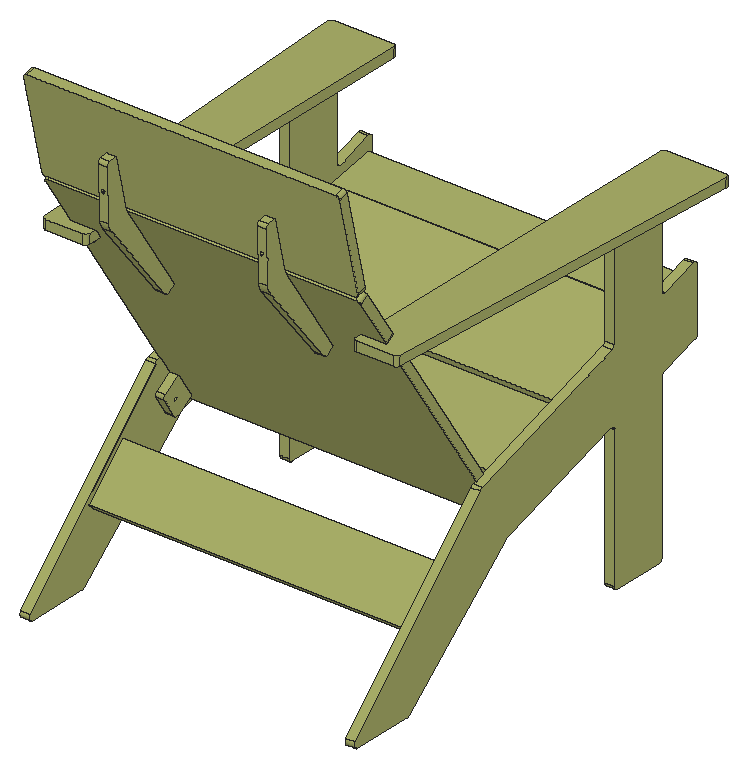
Revit family "Lollygagger Lounge Tall", category Furniture, Revit 2016 (continued)
Automatic sketch dimensions
  Extrusion 9 sketch curve to Extrusion 9 sketch curve = 2.34549"
  Extrusion 9 sketch curve to Extrusion 9 sketch curve = 2.57578"
  Extrusion 9 sketch curve to Extrusion 9 sketch curve = 1.46214"
  Extrusion 9 sketch curve to Extrusion 9 sketch curve = 3.65674"
  Extrusion 9 sketch curve to Extrusion 9 sketch curve = 0.84342"
  Extrusion 9 sketch curve to Extrusion 9 sketch curve = 3.5596"
  Extrusion 9 sketch curve to Extrusion 9 sketch curve = 0.12197"
  Extrusion 9 sketch curve to Extrusion 9 sketch curve = 1.19315"
  Extrusion 9 sketch curve to Extrusion 9 sketch curve = 3.42846"
  Extrusion 9 sketch curve to Extrusion 9 sketch curve = 0.0971"
  Extrusion 9 sketch curve to Extrusion 9 sketch curve = 6.70066"
  Extrusion 9 sketch curve to Extrusion 9 sketch curve = 9.49222"
  Extrusion 9 sketch curve to Extrusion 9 sketch curve = 0.52433"
  Extrusion 9 sketch curve to Extrusion 9 sketch curve = 5.83322"
  Extrusion 10 sketch curve to Extrusion 10 sketch curve = 0.07725"  (x3)
  Extrusion 10 sketch curve to Extrusion 10 sketch curve = 0.07578"  (x3)
  Extrusion 10 sketch curve to Extrusion 10 sketch curve = 0.15156"
  Extrusion 10 sketch curve to Extrusion 10 sketch curve = 0.17413"
  Extrusion 10 sketch curve to Extrusion 10 sketch curve = 4.17099"
  Extrusion 10 sketch curve to Extrusion 10 sketch curve = 0.32725"
  Extrusion 10 sketch curve to Extrusion 10 sketch curve = 1/4"  (x5)
  Extrusion 10 sketch curve to Extrusion 10 sketch curve = 3 1/2"
  Extrusion 10 sketch curve to Extrusion 10 sketch curve = 4"
  Extrusion 10 sketch curve to Extrusion 10 sketch curve = 0.17275"
  Extrusion 10 sketch curve to Extrusion 10 sketch curve = 8.58834"
  Extrusion 10 sketch curve to Extrusion 10 sketch curve = 1.98365"
  Extrusion 10 sketch curve to Extrusion 10 sketch curve = 0.15451"
  Extrusion 10 sketch curve to Extrusion 10 sketch curve = 0.19904"
  Extrusion 10 sketch curve to Extrusion 10 sketch curve = 8.23223"
  Extrusion 10 sketch curve to Extrusion 10 sketch curve = 0.16284"
  Extrusion 10 sketch curve to Extrusion 10 sketch curve = 0.17678"  (x3)
  Extrusion 10 sketch curve to Extrusion 10 sketch curve = 0.17422"
  Extrusion 10 sketch curve to Extrusion 10 sketch curve = 2.34549"
  Extrusion 10 sketch curve to Extrusion 10 sketch curve = 2.57578"
  Extrusion 10 sketch curve to Extrusion 10 sketch curve = 1.46214"
  Extrusion 10 sketch curve to Extrusion 10 sketch curve = 3.65674"
  Extrusion 10 sketch curve to Extrusion 10 sketch curve = 0.84342"
  Extrusion 10 sketch curve to Extrusion 10 sketch curve = 3.5596"
  Extrusion 10 sketch curve to Extrusion 10 sketch curve = 0.12197"
  Extrusion 10 sketch curve to Extrusion 10 sketch curve = 1.19315"
  Extrusion 10 sketch curve to Extrusion 10 sketch curve = 3.42846"
  Extrusion 10 sketch curve to Extrusion 10 sketch curve = 0.0971"
  Extrusion 10 sketch curve to Extrusion 10 sketch curve = 6.70066"
  Extrusion 10 sketch curve to Extrusion 10 sketch curve = 9.49222"
  Extrusion 10 sketch curve to Extrusion 10 sketch curve = 0.52433"
  Extrusion 10 sketch curve to Extrusion 10 sketch curve = 5.83322"
  Extrusion 14 sketch curve to Extrusion 14 sketch curve = 0.75006"
  Extrusion 15 sketch curve to Extrusion 15 sketch curve = 0.67321"
  Extrusion 15 sketch curve to Extrusion 15 sketch curve = 0.13541"
  Extrusion 14 sketch curve to Extrusion 14 sketch curve = 0.24898"
  Extrusion 14 sketch curve to Extrusion 14 sketch curve = 0.37591"
  Extrusion 14 sketch curve to Extrusion 14 sketch curve = 1.31352"
  Extrusion 14 sketch curve to Extrusion 14 sketch curve = 0.75097"
  Extrusion 15 sketch curve to Extrusion 15 sketch curve = 0.34044"
  Extrusion 15 sketch curve to Extrusion 15 sketch curve = 0.13462"
  Extrusion 15 sketch curve to Extrusion 15 sketch curve = 1.65284"
  Extrusion 15 sketch curve to Extrusion 15 sketch curve = 0.43196"
  Extrusion 15 sketch curve to Extrusion 15 sketch curve = 0.34407"
  Extrusion 15 sketch curve to Extrusion 15 sketch curve = 0.91656"
  Extrusion 15 sketch curve to Extrusion 15 sketch curve = 0.98984"
  Extrusion 14 sketch curve to Extrusion 14 sketch curve = 1/4"
  Extrusion 15 sketch curve to Extrusion 15 sketch curve = 0.00845"
  Extrusion 21 sketch curve to Extrusion 21 sketch curve = 0.19222"
  Extrusion 21 to Extrusion 22 sketch curve = 0.31204"
  Extrusion 22 sketch curve to Extrusion 21 = 1.57556"
  Extrusion 21 sketch curve to Extrusion 21 sketch curve = 0.04835"
  Extrusion 21 sketch curve to Extrusion 21 sketch curve = 0.1934"
  Extrusion 21 sketch curve to Extrusion 21 sketch curve = 0.11539"
  Extrusion 21 sketch curve to Extrusion 21 sketch curve = 0.62424"
  Extrusion 21 sketch curve to Extrusion 21 sketch curve = 0.05777"
  Extrusion 21 sketch curve to Extrusion 21 sketch curve = 0.10771"
  Extrusion 21 sketch curve to Extrusion 21 sketch curve = 0.23492"
  Extrusion 21 sketch curve to Extrusion 21 sketch curve = 0.48671"
  Extrusion 21 sketch curve to Extrusion 21 sketch curve = 0.31703"
  Extrusion 23 sketch curve to Extrusion 23 sketch curve = 0.19222"
  Extrusion 23 to Extrusion 24 sketch curve = 0.31204"
  Extrusion 24 sketch curve to Extrusion 23 = 1.57556"
  Extrusion 23 sketch curve to Extrusion 23 sketch curve = 0.04835"
  Extrusion 23 sketch curve to Extrusion 23 sketch curve = 0.1934"
  Extrusion 23 sketch curve to Extrusion 23 sketch curve = 0.11539"
  Extrusion 23 sketch curve to Extrusion 23 sketch curve = 0.62424"
  Extrusion 23 sketch curve to Extrusion 23 sketch curve = 0.05777"
  Extrusion 23 sketch curve to Extrusion 23 sketch curve = 0.10771"
  Extrusion 23 sketch curve to Extrusion 23 sketch curve = 0.23492"
  Extrusion 23 sketch curve to Extrusion 23 sketch curve = 0.48671"
  Extrusion 23 sketch curve to Extrusion 23 sketch curve = 0.31703"
  Extrusion 25 sketch curve to Extrusion 25 sketch curve = 0.19222"
  Extrusion 25 to Extrusion 26 sketch curve = 0.31204"
  Extrusion 26 sketch curve to Extrusion 25 = 1.57556"
  Extrusion 25 sketch curve to Extrusion 25 sketch curve = 0.04835"
  Extrusion 25 sketch curve to Extrusion 25 sketch curve = 0.1934"
  Extrusion 25 sketch curve to Extrusion 25 sketch curve = 0.11539"
  Extrusion 25 sketch curve to Extrusion 25 sketch curve = 0.62424"
  Extrusion 25 sketch curve to Extrusion 25 sketch curve = 0.05777"
  Extrusion 25 sketch curve to Extrusion 25 sketch curve = 0.10771"
  Extrusion 25 sketch curve to Extrusion 25 sketch curve = 0.23492"
  Extrusion 25 sketch curve to Extrusion 25 sketch curve = 0.48671"
  Extrusion 25 sketch curve to Extrusion 25 sketch curve = 0.31703"
  Extrusion 21 sketch curve to Extrusion 21 sketch curve = 0.20165"
  Extrusion 21 sketch curve to Extrusion 21 sketch curve = 3.41039"
  Extrusion 21 sketch curve to Extrusion 21 sketch curve = 6.97885"
  Extrusion 21 sketch curve to Extrusion 21 sketch curve = 0.08551"
  Extrusion 21 sketch curve to Extrusion 21 sketch curve = 0.47513"
  Extrusion 21 sketch curve to Extrusion 21 sketch curve = 0.51835"
  Extrusion 21 sketch curve to Extrusion 21 sketch curve = 0.90243"
  Extrusion 23 sketch curve to Extrusion 23 sketch curve = 0.20165"
  Extrusion 23 sketch curve to Extrusion 23 sketch curve = 3.41039"
  Extrusion 23 sketch curve to Extrusion 23 sketch curve = 6.97885"
  Extrusion 23 sketch curve to Extrusion 23 sketch curve = 0.08551"
  Extrusion 23 sketch curve to Extrusion 23 sketch curve = 0.47513"
  Extrusion 23 sketch curve to Extrusion 23 sketch curve = 0.51835"
  Extrusion 23 sketch curve to Extrusion 23 sketch curve = 0.90243"
  Extrusion 25 sketch curve to Extrusion 25 sketch curve = 0.20165"
  Extrusion 25 sketch curve to Extrusion 25 sketch curve = 3.41039"
  Extrusion 25 sketch curve to Extrusion 25 sketch curve = 6.97885"
  Extrusion 25 sketch curve to Extrusion 25 sketch curve = 0.08551"
  Extrusion 25 sketch curve to Extrusion 25 sketch curve = 0.47513"
  Extrusion 25 sketch curve to Extrusion 25 sketch curve = 0.51835"
  Extrusion 25 sketch curve to Extrusion 25 sketch curve = 0.90243"
  Extrusion 27 sketch curve to Extrusion 27 sketch curve = 0.75006"
  Extrusion 28 sketch curve to Extrusion 28 sketch curve = 0.67321"
  Extrusion 28 sketch curve to Extrusion 28 sketch curve = 0.13541"
  Extrusion 27 sketch curve to Extrusion 27 sketch curve = 0.24898"
  Extrusion 27 sketch curve to Extrusion 27 sketch curve = 0.37591"
  Extrusion 27 sketch curve to Extrusion 27 sketch curve = 1.31352"
  Extrusion 27 sketch curve to Extrusion 27 sketch curve = 0.75097"
  Extrusion 28 sketch curve to Extrusion 28 sketch curve = 0.34044"
  Extrusion 28 sketch curve to Extrusion 28 sketch curve = 0.13462"
  Extrusion 28 sketch curve to Extrusion 28 sketch curve = 1.65284"
  Extrusion 28 sketch curve to Extrusion 28 sketch curve = 0.43196"
  Extrusion 28 sketch curve to Extrusion 28 sketch curve = 0.34407"
  Extrusion 28 sketch curve to Extrusion 28 sketch curve = 0.91656"
  Extrusion 28 sketch curve to Extrusion 28 sketch curve = 0.98984"
  Extrusion 27 sketch curve to Extrusion 27 sketch curve = 1/4"
  Extrusion 28 sketch curve to Extrusion 28 sketch curve = 0.00845"
  Extrusion 29 sketch curve to Extrusion 29 sketch curve = 0.19256"  (x2)
  Extrusion 29 sketch curve to Extrusion 29 sketch curve = 0.05198"  (x2)
  Extrusion 29 sketch curve to Extrusion 29 sketch curve = 0.27288"  (x2)
  Extrusion 29 sketch curve to Extrusion 29 sketch curve = 0.81193"
  Extrusion 29 sketch curve to Extrusion 29 sketch curve = 0.60331"
  Extrusion 29 sketch curve to Extrusion 29 sketch curve = 0.24454"  (x2)
  Extrusion 29 sketch curve to Extrusion 29 sketch curve = 0.31187"
  Extrusion 29 sketch curve to Extrusion 29 sketch curve = 0.52275"
  Extrusion 30 sketch curve to Extrusion 30 sketch curve = 1.08928"
  Extrusion 30 sketch curve to Extrusion 30 sketch curve = 1.10076"
  Extrusion 30 sketch curve to Extrusion 30 sketch curve = 0.13616"  (x2)
  Extrusion 30 sketch curve to Extrusion 30 sketch curve = 0.09438"
  Extrusion 30 sketch curve to Extrusion 30 sketch curve = 0.20967"  (x2)
  Extrusion 30 sketch curve to Extrusion 30 sketch curve = 0.72258"
  Extrusion 30 sketch curve to Extrusion 30 sketch curve = 0.07351"
  Extrusion 30 sketch curve to Extrusion 30 sketch curve = 183/256"
  Extrusion 30 sketch curve to Extrusion 30 sketch curve = 0.83303"
  Extrusion 30 sketch curve to Extrusion 30 sketch curve = 0.34583"
  Extrusion 31 sketch curve to Extrusion 31 sketch curve = 0"
  Extrusion 31 sketch curve to Extrusion 31 sketch curve = 0.17678"  (x4)
  Extrusion 31 sketch curve to Extrusion 31 sketch curve = 0.92808"  (x3)
  Extrusion 31 sketch curve to Extrusion 31 sketch curve = 0.79599"
  Extrusion 31 sketch curve to Extrusion 31 sketch curve = 0.08789"
  Extrusion 31 sketch curve to Extrusion 31 sketch curve = 0.79641"
  Extrusion 31 sketch curve to Extrusion 31 sketch curve = 0.35355"
  Extrusion 32 sketch curve to Extrusion 32 sketch curve = 0.00016"  (x2)
  Extrusion 32 sketch curve to Extrusion 32 sketch curve = 1 3/4"
  Extrusion 32 sketch curve to Extrusion 32 sketch curve = 5/16"
  Extrusion 32 sketch curve to Extrusion 32 sketch curve = 0.00108"  (x2)
  Extrusion 33 sketch curve to Extrusion 33 sketch curve = 0.15555"
  Extrusion 33 sketch curve to Extrusion 33 sketch curve = 0.20841"
  Extrusion 33 sketch curve to Extrusion 33 sketch curve = 0.29159"
  Extrusion 33 sketch curve to Extrusion 33 sketch curve = 0.00513"
  Extrusion 33 sketch curve to Extrusion 33 sketch curve = 0.28646"
  Extrusion 33 sketch curve to Extrusion 33 sketch curve = 0.33229"
  Extrusion 33 sketch curve to Extrusion 33 sketch curve = 0.16771"
  Extrusion 33 sketch curve to Extrusion 33 sketch curve = 0.12064"
  Extrusion 33 sketch curve to Extrusion 33 sketch curve = 1/256"
  Extrusion 33 sketch curve to Extrusion 33 sketch curve = 0.48789"  (x2)
  Extrusion 33 sketch curve to Extrusion 33 sketch curve = 0.20729"
  Extrusion 35 sketch curve to Extrusion 35 sketch curve = 0.75006"
  Extrusion 36 sketch curve to Extrusion 36 sketch curve = 0.67321"
  Extrusion 36 sketch curve to Extrusion 36 sketch curve = 0.13541"
  Extrusion 35 sketch curve to Extrusion 35 sketch curve = 0.24898"
  Extrusion 35 sketch curve to Extrusion 35 sketch curve = 0.37591"
  Extrusion 35 sketch curve to Extrusion 35 sketch curve = 1.31352"
  Extrusion 35 sketch curve to Extrusion 35 sketch curve = 0.75097"
  Extrusion 36 sketch curve to Extrusion 36 sketch curve = 0.34044"
  Extrusion 36 sketch curve to Extrusion 36 sketch curve = 0.13462"
  Extrusion 36 sketch curve to Extrusion 36 sketch curve = 1.65284"
  Extrusion 36 sketch curve to Extrusion 36 sketch curve = 0.43196"
  Extrusion 36 sketch curve to Extrusion 36 sketch curve = 0.34407"
  Extrusion 36 sketch curve to Extrusion 36 sketch curve = 0.91656"
  Extrusion 36 sketch curve to Extrusion 36 sketch curve = 0.98984"
  Extrusion 35 sketch curve to Extrusion 35 sketch curve = 1/4"
  Extrusion 36 sketch curve to Extrusion 36 sketch curve = 0.00845"
  Extrusion 37 sketch curve to Extrusion 37 sketch curve = 0.19256"  (x2)
  Extrusion 37 sketch curve to Extrusion 37 sketch curve = 0.05198"  (x2)
  Extrusion 37 sketch curve to Extrusion 37 sketch curve = 0.27288"  (x2)
  Extrusion 37 sketch curve to Extrusion 37 sketch curve = 0.81193"
  Extrusion 37 sketch curve to Extrusion 37 sketch curve = 0.60331"
  Extrusion 37 sketch curve to Extrusion 37 sketch curve = 0.24454"  (x2)
  Extrusion 37 sketch curve to Extrusion 37 sketch curve = 0.31187"
  Extrusion 37 sketch curve to Extrusion 37 sketch curve = 0.52275"
  Extrusion 38 sketch curve to Extrusion 38 sketch curve = 1.08928"
  Extrusion 38 sketch curve to Extrusion 38 sketch curve = 1.10076"
  Extrusion 38 sketch curve to Extrusion 38 sketch curve = 0.13616"  (x2)
  Extrusion 38 sketch curve to Extrusion 38 sketch curve = 0.09438"
  Extrusion 38 sketch curve to Extrusion 38 sketch curve = 0.20967"  (x2)
  Extrusion 38 sketch curve to Extrusion 38 sketch curve = 0.72258"
  Extrusion 38 sketch curve to Extrusion 38 sketch curve = 0.07351"
  Extrusion 38 sketch curve to Extrusion 38 sketch curve = 183/256"
  Extrusion 38 sketch curve to Extrusion 38 sketch curve = 0.83303"
  Extrusion 38 sketch curve to Extrusion 38 sketch curve = 0.34583"
  Extrusion 39 sketch curve to Extrusion 39 sketch curve = 0"
  Extrusion 39 sketch curve to Extrusion 39 sketch curve = 0.17678"  (x4)
  Extrusion 39 sketch curve to Extrusion 39 sketch curve = 0.92808"  (x3)
  Extrusion 39 sketch curve to Extrusion 39 sketch curve = 0.79599"
  Extrusion 39 sketch curve to Extrusion 39 sketch curve = 0.08789"
  Extrusion 39 sketch curve to Extrusion 39 sketch curve = 0.79641"
  Extrusion 39 sketch curve to Extrusion 39 sketch curve = 0.35355"
  Extrusion 40 sketch curve to Extrusion 40 sketch curve = 0.00016"  (x2)
  Extrusion 40 sketch curve to Extrusion 40 sketch curve = 1 3/4"
  Extrusion 40 sketch curve to Extrusion 40 sketch curve = 5/16"
  Extrusion 40 sketch curve to Extrusion 40 sketch curve = 0.00108"  (x2)
  Extrusion 16 sketch curve to Extrusion 16 sketch curve = 0.19256"  (x2)
  Extrusion 16 sketch curve to Extrusion 16 sketch curve = 0.05198"  (x2)
  Extrusion 16 sketch curve to Extrusion 16 sketch curve = 0.27288"  (x2)
  Extrusion 16 sketch curve to Extrusion 16 sketch curve = 0.81193"
  Extrusion 16 sketch curve to Extrusion 16 sketch curve = 0.60331"
  Extrusion 16 sketch curve to Extrusion 16 sketch curve = 0.24454"  (x2)
  Extrusion 16 sketch curve to Extrusion 16 sketch curve = 0.31187"
  Extrusion 16 sketch curve to Extrusion 16 sketch curve = 0.52275"
  Extrusion 17 sketch curve to Extrusion 17 sketch curve = 1.08928"
  Extrusion 17 sketch curve to Extrusion 17 sketch curve = 1.10076"
  Extrusion 17 sketch curve to Extrusion 17 sketch curve = 0.13616"  (x2)
  Extrusion 17 sketch curve to Extrusion 17 sketch curve = 0.09438"
  Extrusion 17 sketch curve to Extrusion 17 sketch curve = 0.20967"  (x2)
  Extrusion 17 sketch curve to Extrusion 17 sketch curve = 0.72258"
  Extrusion 17 sketch curve to Extrusion 17 sketch curve = 0.07351"
  Extrusion 17 sketch curve to Extrusion 17 sketch curve = 183/256"
  Extrusion 17 sketch curve to Extrusion 17 sketch curve = 0.83303"
  Extrusion 17 sketch curve to Extrusion 17 sketch curve = 0.34583"
  Extrusion 18 sketch curve to Extrusion 18 sketch curve = 0"
  Extrusion 18 sketch curve to Extrusion 18 sketch curve = 0.17678"  (x4)
  Extrusion 18 sketch curve to Extrusion 18 sketch curve = 0.92808"  (x3)
  Extrusion 18 sketch curve to Extrusion 18 sketch curve = 0.79599"
  Extrusion 18 sketch curve to Extrusion 18 sketch curve = 0.08789"
  Extrusion 18 sketch curve to Extrusion 18 sketch curve = 0.79641"
  Extrusion 18 sketch curve to Extrusion 18 sketch curve = 0.35355"
  Extrusion 19 sketch curve to Extrusion 19 sketch curve = 0.00016"  (x2)
  Extrusion 19 sketch curve to Extrusion 19 sketch curve = 1 3/4"
  Extrusion 19 sketch curve to Extrusion 19 sketch curve = 5/16"
  Extrusion 19 sketch curve to Extrusion 19 sketch curve = 0.00108"  (x2)
  curve 49 to plane 5 = 0"
  curve 40 to plane 8 = 0"
  curve 55 to plane 7 = 0"
  curve 58 to plane 4 = 0"
  curve 38 to plane 8 = 1/8"
  curve 43 to plane 8 = 1/4"
  curve 48 to plane 8 = 1/4"
  curve 44 to curve 41 = 0"
  curve 38 to curve 38 = 1 5/16"
  curve 37 to curve 32 = 1/4"
  plane 7 to curve 50 = 1 11/16"
  curve 50 to curve 52 = 1/4"
  plane 7 to curve 44 = 1/4"
  curve 43 to curve 44 = 0"
  plane 7 to curve 48 = 1/4"
  plane 7 to curve 52 = 1/8"
  plane 6 to curve 32 = 4.70592"
  plane 6 to curve 50 = 4.70592"
  curve 38 to curve 37 = 0.13616"
  curve 52 to curve 51 = 0.13616"
  curve 40 to curve 38 = 0.06808"
  curve 54 to curve 52 = 0.06808"
  plane 6 to curve 43 = 2.22753"
  curve 44 to curve 43 = 0.0439"
  plane 6 to curve 48 = 0.60898"
  curve 33 to curve 50 = 0.1139"
  curve 71 to curve 33 = 2.82996"
  curve 70 to curve 71 = 0.73706"
  curve 34 to plane 1 "Center Front/Back" = 4.01756"
  curve 35 to curve 34 = 0.11929"
  plane 1 "Center Front/Back" to curve 36 = 1.97061"
  curve 41 to curve 49 = 1.00341"
  curve 46 to curve 58 = 1.00341"
  curve 46 to curve 46 = 0.13616"
  curve 55 to curve 46 = 0"
  curve 41 to curve 41 = 0.13616"
  curve 42 to curve 41 = 0.23629"
  curve 45 to curve 55 = 0.23629"
  curve 56 to curve 45 = 0"
  curve 48 to curve 57 = 0.05624"
  curve 47 to curve 47 = 0.05624"
  curve 54 to curve 57 = 0.16436"
  curve 40 to curve 47 = 0.16436"
  plane 5 to curve 16 = 0"
  plane 8 to curve 12 = 0"
  plane 8 to curve 20 = 0"
  plane 8 to curve 17 = 0"
  plane 7 to curve 4 = 0"
  plane 7 to curve 10 = 0"
  plane 7 to curve 1 = 0"
  plane 4 to curve 10 = 0"
  curve 13 to plane 8 = 1/8"
  curve 19 to plane 8 = 7/8"
  curve 19 to curve 13 = 9/16"
  curve 14 to curve 21 = 1/4"
  curve 15 to curve 20 = 0"
  plane 7 to curve 3 = 1 11/16"
  curve 7 to curve 1 = 0"
  curve 7 to curve 5 = 1/4"
  curve 2 to curve 8 = 13/16"
  plane 7 to curve 5 = 1/8"
  level to curve 8 = 22.14873"
  curve 18 to curve 8 = 0"
  curve 18 to curve 22 = 0.0725"
  curve 8 to curve 3 = 0.0725"
  curve 21 to curve 21 = 5/8"
  curve 2 to curve 2 = 5/8"
  curve 20 to curve 15 = 0.05553"
  curve 1 to curve 7 = 0.05553"
  curve 6 to curve 5 = 0.20967"
  curve 20 to curve 13 = 0.2652"
  plane 5 to curve 18 = 7/8"
  curve 22 to curve 18 = 0.008"
  curve 8 to plane 4 = 7/8"
  curve 8 to curve 3 = 0.008"
  curve 16 to curve 17 = 5.23638"
  curve 10 to curve 11 = 5.23638"
  level to curve 11 = 0.25498"
  level to curve 17 = 0.25498"
  curve 21 to curve 15 = 0.25713"
  curve 2 to curve 7 = 0.25713"
  curve 4 to curve 4 = 0.10483"
  curve 12 to curve 12 = 0.10483"
  Masking region 1 sketch curve to plane 5 = 0"
  Masking region 1 sketch curve to plane 8 = 0"
  Masking region 1 sketch curve to plane 6 = 0"
  Masking region 1 sketch curve to plane 7 = 0"
  Masking region 1 sketch curve to plane 4 = 0"
  plane 5 to Masking region 1 sketch curve = 0.45138"
  Masking region 1 sketch curve to Masking region 1 sketch curve = 0.24959"  (x4)
  plane 5 to Masking region 1 sketch curve = 1.92281"
  Masking region 1 sketch curve to plane 8 = 1/4"
  Masking region 1 sketch curve to plane 8 = 1 7/16"
  plane 7 to Masking region 1 sketch curve = 1.68531"
  Masking region 1 sketch curve to Masking region 1 sketch curve = 0.24781"  (x2)
  plane 7 to Masking region 1 sketch curve = 1/4"
  Masking region 1 sketch curve to plane 4 = 0.45138"
  Masking region 1 sketch curve to plane 4 = 1.92281"
  plane 6 to Masking region 1 sketch curve = 0.05624"  (x2)
  Masking region 1 sketch curve to Masking region 1 sketch curve = 0.44462"
  plane 6 to Masking region 1 sketch curve = 0.50086"
  Masking region 1 sketch curve to Masking region 1 sketch curve = 2.73009"  (x2)
  Masking region 1 sketch curve to Masking region 1 sketch curve = 0.23574"  (x2)
  plane 5 to Masking region 3 sketch curve = 0"
  plane 8 to Masking region 3 sketch curve = 0"  (x3)
  Masking region 3 sketch curve to level = 0"  (x2)
  plane 7 to Masking region 3 sketch curve = 0"  (x3)
  plane 4 to Masking region 3 sketch curve = 0"
  Masking region 3 sketch curve to Masking region 3 sketch curve = 0.883"
  Masking region 3 sketch curve to Masking region 3 sketch curve = 1.28981"  (x2)
  Masking region 3 sketch curve to plane 8 = 1/4"
  level to Masking region 3 sketch curve = 0.26998"  (x2)
  Masking region 3 sketch curve to plane 8 = 1 3/4"
  Masking region 3 sketch curve to Masking region 3 sketch curve = 1/4"  (x4)
  Masking region 3 sketch curve to plane 8 = 2"
  plane 7 to Masking region 3 sketch curve = 1/4"
  Masking region 3 sketch curve to plane 4 = 0.883"
  Masking region 3 sketch curve to Masking region 3 sketch curve = 3.27037"
  Masking region 3 sketch curve to Masking region 3 sketch curve = 14.22174"
  Masking region 3 sketch curve to Masking region 3 sketch curve = 0.0725"  (x2)
  Masking region 3 sketch curve to Masking region 3 sketch curve = 0.6975"  (x2)
  Masking region 3 sketch curve to Masking region 3 sketch curve = 3.66224"  (x2)
  Masking region 3 sketch curve to Masking region 3 sketch curve = 0.41537"  (x2)
  Masking region 3 sketch curve to Masking region 3 sketch curve = 6.474"  (x2)
  Masking region 3 sketch curve to Masking region 3 sketch curve = 0.24359"
  Masking region 3 sketch curve to plane 8 = 0.14994"
  Masking region 3 sketch curve to Masking region 3 sketch curve = 0.10006"  (x2)
  plane 7 to Masking region 3 sketch curve = 0.14994"
  Masking region 3 sketch curve to Masking region 3 sketch curve = 0.19214"  (x2)
  Extrusion 2 sketch curve to plane 7 = 0"  (x2)
  Extrusion 2 sketch curve to plane 8 = 0"  (x2)
  Extrusion 2 sketch curve to plane 7 = 1/4"  (x2)
  Extrusion 2 sketch curve to Extrusion 2 sketch curve = 1/8"  (x2)
  plane 7 to Extrusion 2 sketch curve = 1/8"  (x2)
  plane 7 to Extrusion 2 sketch curve = 1/4"
  Extrusion 2 sketch curve to Extrusion 2 sketch curve = 1 5/16"
  Extrusion 2 sketch curve to Extrusion 2 sketch curve = 0"  (x2)
  Extrusion 2 sketch curve to Extrusion 2 sketch curve = 1/4"  (x3)
  Extrusion 2 sketch curve to plane 8 = 1 11/16"
  Extrusion 2 sketch curve to plane 8 = 1/8"  (x2)
  plane 8 to Extrusion 2 sketch curve = 1/4"  (x2)
  Extrusion 2 sketch curve to Extrusion 2 sketch curve = 2 3/4"  (x2)
  Extrusion 2 sketch curve to Extrusion 2 sketch curve = 13.97553"  (x2)
  Extrusion 2 sketch curve to Extrusion 2 sketch curve = 0.09897"  (x2)
  Extrusion 2 sketch curve to Extrusion 2 sketch curve = 3.9255"
  Extrusion 5 sketch curve to plane 5 = 5/16"
  Extrusion 5 sketch curve to Extrusion 5 sketch curve = 1/8"  (x3)
  Extrusion 5 sketch curve to plane 7 = 3/16"  (x2)
  Extrusion 5 sketch curve to Extrusion 5 sketch curve = 5 3/4"
  Extrusion 6 sketch curve to plane 8 = 0"
  Extrusion 6 sketch curve to plane 7 = 0"
  Extrusion 6 sketch curve to Extrusion 6 sketch curve = 7.53371"
  level to Extrusion 7 sketch curve = 0.26998"  (x2)
  Extrusion 7 sketch curve to Extrusion 7 sketch curve = 1/8"  (x3)
  Extrusion 7 sketch curve to Extrusion 7 sketch curve = 1/4"  (x2)
  Extrusion 7 sketch curve to plane 8 = 2"
  Extrusion 7 sketch curve to Extrusion 7 sketch curve = 10.3275"  (x2)
  plane 7 to Extrusion 7 sketch curve = 2.26"
  Extrusion 7 sketch curve to Extrusion 7 sketch curve = 0.26"
  Extrusion 7 sketch curve to plane 5 = 5/16"
  Extrusion 7 sketch curve to Extrusion 7 sketch curve = 4"  (x2)
  plane 4 to Extrusion 7 sketch curve = 5/16"
  Extrusion 11 sketch curve to plane 7 = 0"
  Extrusion 11 sketch curve to plane 8 = 0"
  plane 7 to Extrusion 11 sketch curve = 1/4"
  Extrusion 11 sketch curve to Extrusion 11 sketch curve = 1/4"  (x2)
  Extrusion 11 sketch curve to plane 8 = 1/4"
  Extrusion 11 sketch curve to Extrusion 11 sketch curve = 6 1/2"
  Extrusion 12 sketch curve to plane 8 = 0"
  Extrusion 12 sketch curve to plane 7 = 0"
  Extrusion 12 sketch curve to Extrusion 12 sketch curve = 4"
  Extrusion 13 sketch curve to plane 7 = 0"
  Extrusion 13 sketch curve to plane 8 = 0"
  Extrusion 13 sketch curve to Extrusion 13 sketch curve = 2.2397"
  plane 7 to Extrusion 34 sketch curve = 1/4"
  Extrusion 34 sketch curve to Extrusion 34 sketch curve = 0.15555"
  plane 7 to Extrusion 34 sketch curve = 0.45841"
  Extrusion 34 sketch curve to Extrusion 34 sketch curve = 0.29159"
  Extrusion 34 sketch curve to Extrusion 34 sketch curve = 0.00513"
  Extrusion 34 sketch curve to Extrusion 34 sketch curve = 0.28646"
  Extrusion 34 sketch curve to Extrusion 34 sketch curve = 0.33229"
  Extrusion 34 sketch curve to Extrusion 34 sketch curve = 0.16771"
  Extrusion 34 sketch curve to Extrusion 34 sketch curve = 0.20729"
  Extrusion 34 sketch curve to Extrusion 34 sketch curve = 0.21945"
  Extrusion 34 sketch curve to Extrusion 34 sketch curve = 0.36334"
  Extrusion 34 sketch curve to Extrusion 34 sketch curve = 1/256"
  Extrusion 34 sketch curve to Extrusion 34 sketch curve = 0.12456"
  Extrusion 41 sketch curve to plane 8 = 0"
  Extrusion 41 sketch curve to plane 7 = 0"
  Extrusion 41 sketch curve to Extrusion 41 sketch curve = 3.2537"
  Masking region 3 sketch curve to Masking region 3 sketch curve = 3.94407"
  plane 7 to Masking region 3 sketch curve = 2"  (x2)
  Masking region 3 sketch curve to Masking region 3 sketch curve = 0.19257"
  Masking region 3 sketch curve to Masking region 3 sketch curve = 11.49271"
  curve 34 to curve 70 = 6.82502"
  curve 33 to curve 32 = 0.1139"
  Masking region 1 sketch curve to plane 1 "Center Front/Back" = 14.47621"  (x2)
  Masking region 1 sketch curve to Masking region 1 sketch curve = 0.01426"
  Masking region 1 sketch curve to Masking region 1 sketch curve = 1/4"
  Masking region 1 sketch curve to Masking region 1 sketch curve = 0.03302"
  Masking region 2 sketch curve to plane 6 = 0"
  Masking region 2 sketch curve to level = 0"  (x2)
  Masking region 2 sketch curve to plane 9 = 0"  (x2)
  plane 6 to Masking region 2 sketch curve = 0.08715"
  plane 6 to Masking region 2 sketch curve = 0.19928"
  plane 6 to Masking region 2 sketch curve = 0.28078"
  Masking region 2 sketch curve to Masking region 2 sketch curve = 0.24987"
  plane 6 to Masking region 2 sketch curve = 0.41637"
  level to Masking region 2 sketch curve = 0.42678"
  plane 6 to Masking region 2 sketch curve = 0.60898"
  level to Masking region 2 sketch curve = 1/4"  (x4)
  Masking region 2 sketch curve to Masking region 2 sketch curve = 0.50506"
  Masking region 2 sketch curve to Masking region 2 sketch curve = 0.78239"
  Masking region 2 sketch curve to Masking region 2 sketch curve = 0.3759"
  Masking region 2 sketch curve to Masking region 2 sketch curve = 0.0225"
  Masking region 2 sketch curve to Masking region 2 sketch curve = 0.05089"
  Masking region 2 sketch curve to Masking region 2 sketch curve = 0.05533"
  Masking region 2 sketch curve to Masking region 2 sketch curve = 0.3145"
  Masking region 2 sketch curve to Masking region 2 sketch curve = 0.2211"
  Masking region 2 sketch curve to Masking region 2 sketch curve = 0.0439"
  plane 10 to Masking region 2 sketch curve = 0.00248"
  Masking region 2 sketch curve to Masking region 2 sketch curve = 4.17099"
  Masking region 2 sketch curve to Masking region 2 sketch curve = 0.21468"
  level to Masking region 2 sketch curve = 0.06031"
  plane 11 to Masking region 2 sketch curve = 0.00248"  (x2)
  Masking region 2 sketch curve to Masking region 2 sketch curve = 0.40588"
  Masking region 2 sketch curve to Masking region 2 sketch curve = 0.1956"
  Masking region 2 sketch curve to plane 11 = 2 5/16"
  Masking region 2 sketch curve to Masking region 2 sketch curve = 0.13616"
  Masking region 2 sketch curve to plane 11 = 2.0304"
  Masking region 2 sketch curve to Masking region 2 sketch curve = 0.43439"
  Masking region 2 sketch curve to Masking region 2 sketch curve = 0.35355"  (x2)
  Masking region 2 sketch curve to Masking region 2 sketch curve = 0.40832"
  plane 1 "Center Front/Back" to Masking region 2 sketch curve = 1.34636"
  Masking region 2 sketch curve to Masking region 2 sketch curve = 0.07578"  (x2)
  Masking region 2 sketch curve to Masking region 2 sketch curve = 0.07725"  (x2)
  Masking region 2 sketch curve to Masking region 2 sketch curve = 1/4"  (x3)
  Masking region 2 sketch curve to Masking region 2 sketch curve = 7"
  Masking region 2 sketch curve to plane 9 = 3 1/4"
  Masking region 2 sketch curve to plane 9 = 3"
  Masking region 2 sketch curve to Masking region 2 sketch curve = 0.17422"
  Masking region 2 sketch curve to plane 9 = 0.32725"
  Masking region 2 sketch curve to plane 9 = 1/4"  (x2)
  Masking region 2 sketch curve to plane 9 = 0.17422"
  Masking region 2 sketch curve to Masking region 2 sketch curve = 3.81284"
  Masking region 2 sketch curve to Masking region 2 sketch curve = 2.54853"
  Masking region 2 sketch curve to Masking region 2 sketch curve = 1.43138"
  Masking region 2 sketch curve to Masking region 2 sketch curve = 0.19995"
  Masking region 2 sketch curve to Masking region 2 sketch curve = 0.84342"
  Masking region 2 sketch curve to Masking region 2 sketch curve = 4.70765"
  Masking region 2 sketch curve to Masking region 2 sketch curve = 3.65674"
  Masking region 2 sketch curve to Masking region 2 sketch curve = 0.52433"
  Masking region 2 sketch curve to Masking region 2 sketch curve = 0.05397"
  plane 10 to Masking region 2 sketch curve = 2.82021"
  Masking region 2 sketch curve to Masking region 2 sketch curve = 0.59054"
  Masking region 2 sketch curve to Masking region 2 sketch curve = 0.09099"
  Masking region 2 sketch curve to Masking region 2 sketch curve = 0.11988"
  Masking region 2 sketch curve to Masking region 2 sketch curve = 0.09744"
  Masking region 2 sketch curve to Masking region 2 sketch curve = 0.25166"
  Masking region 2 sketch curve to Masking region 2 sketch curve = 0.068"
  plane 11 to curve 28 = 0.00248"
  plane 6 to curve 28 = 3.23095"
  curve 30 to plane 11 = 0.76675"
  curve 27 to curve 30 = 1 19/32"
  plane 1 "Center Front/Back" to curve 65 = 1.42355"
  curve 65 to curve 64 = 0.17413"
  curve 66 to curve 66 = 0.15156"
  curve 64 to plane 9 = 7.32578"
  curve 67 to curve 67 = 0.07578"
  curve 67 to curve 63 = 1/4"
  curve 62 to plane 11 = 0.07002"
  curve 62 to plane 9 = 5 5/16"
  curve 61 to curve 61 = 0.62519"
  level to curve 64 = 9 251/256"
  curve 65 to curve 66 = 0.0971"
  plane 10 to curve 27 = 0.00248"
  plane 6 to curve 24 = 1.70337"
  curve 23 to curve 24 = 0.12871"
  plane 6 to curve 23 = 0.78585"
  plane 6 to curve 69 = 0.57408"
  curve 26 to curve 24 = 0.7658"
  curve 24 to curve 25 = 0.16463"
  curve 25 to curve 30 = 0.16375"
  curve 30 to curve 31 = 0.0775"
  plane 10 to curve 25 = 0.26768"
  curve 25 to curve 25 = 0.40837"
  curve 25 to curve 26 = 0.17222"
  curve 26 to curve 28 = 0.41588"
  curve 31 to plane 11 = 4.76446"
  plane 1 "Center Front/Back" to curve 69 = 3.58663"
  curve 69 to curve 68 = 0.40832"
  curve 65 to curve 66 = 0.57288"
  plane 11 to curve 59 = 0.00248"
  curve 59 to curve 62 = 1.7025"
  curve 60 to curve 59 = 1.70231"
  curve 64 to curve 68 = 4.168"
  curve 68 to curve 68 = 0.19602"
  curve 69 to curve 68 = 0.18997"
  curve 63 to curve 67 = 0.28549"
  curve 65 to curve 66 = 0.4918"
  level to curve 69 = 0.42678"
  plane 10 to curve 24 = 3.53399"
  curve 24 to curve 23 = 0.30251"
  curve 23 to curve 23 = 3.41671"
  radius of Extrusion 14 sketch curve = 0.15438"
  radius of Extrusion 15 sketch curve = 0.15496"
  radius of Extrusion 22 sketch curve = 0.12341"
  radius of Extrusion 24 sketch curve = 0.12341"
  radius of Extrusion 26 sketch curve = 0.12341"
  radius of Extrusion 27 sketch curve = 0.15438"
  radius of Extrusion 28 sketch curve = 0.15496"
  radius of Extrusion 29 sketch curve = 0.15469"
  radius of Extrusion 30 sketch curve = 0.15467"
  radius of Extrusion 31 sketch curve = 0.15525"
  radius of Extrusion 32 sketch curve = 0.14929"  (x2)
  radius of Extrusion 33 sketch curve = 0.14853"
  radius of Extrusion 35 sketch curve = 0.15438"
  radius of Extrusion 36 sketch curve = 0.15496"
  radius of Extrusion 37 sketch curve = 0.15469"
  radius of Extrusion 38 sketch curve = 0.15467"
  radius of Extrusion 39 sketch curve = 0.15525"
  radius of Extrusion 40 sketch curve = 0.14929"  (x2)
  radius of Extrusion 16 sketch curve = 0.15469"
  radius of Extrusion 17 sketch curve = 0.15467"
  radius of Extrusion 18 sketch curve = 0.15525"
  radius of Extrusion 19 sketch curve = 0.14929"  (x2)
  radius of Extrusion 34 sketch curve = 0.14853"
Types (11): name | Finish Material
  Loll-Black | Loll-Black
  Loll-Sunset | Loll-Sunset
  Loll-Chocolate | Loll-Chocolate
  Loll-Sky | Loll-Sky
  Loll-Apple | Loll-Apple
  Loll-Leaf | Loll-Leaf
  Loll-Evergreen | Loll-Evergreen
  Loll-Charcoal | Loll-Charcoal
  Loll-Sand | Loll-Sand
  Loll-Navy Blue | Loll-Navy Blue
  Loll-White | Loll-White
